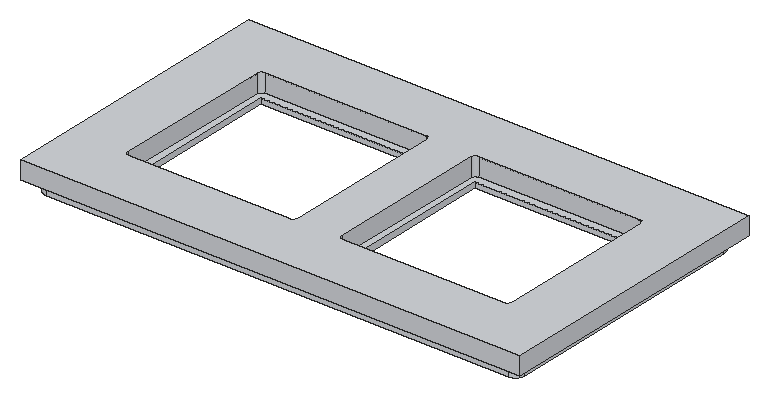
Revit family "Gira_0212226", category Electrical Fixtures, host Face, Revit 2017
Family settings
  Host = Face
  Maintain Annotation Orientation = No
  Round Connector Dimension = Use Diameter
  Part Type = Normal
  Cut with Voids When Loaded = No
  Shared = No
  Room Calculation Point = No
Parameters (values of type "Abdeckrahmen 2f Gira Esprit Lin.Mpx.Anthrazit")
  Werkstoffgüte = "sonstige"
  Werkstoff = "sonstige"
  URL = "http://katalog.gira.de/de_DE/datenblatt.html?artikelnr=0212226"
  Transparent = "No"
  Textfeld/Beschriftungsfläche = "No"
  Schutzart (IP) = "IP20"
  Region = "DE"
  Oberfläche = "sonstige"
  Name = "Abdeckrahmen 2f Gira Esprit Lin.Mpx.Anthrazit"
  Montagerichtung = "horizontal und vertikal"
  Mit Montagerahmen = "No"
  Mit Klappdeckel = "No"
  Manufacturer URL = "https://www.gira.de/"
  Keynote = "Espr._Rahmen_2fach"
  HeinzeBIM = "https://bimportal.heinze.de/bim/abdeckrahmen-2f-gira-esprit-lin-mpx-anthrazit/ff09d0026e90717c0899a51a28bb5e9ab94aba2d"
  Halogenfrei = "No"
  HAN = "0212226"
  Geeignet für Unterputz-Installation = "Yes"
  Geeignet für Unterflurkanaldose = "No"
  Geeignet für Geräteeinbaukanal = "No"
  Geeignet für Einbauinstallation = "No"
  GTIN = "4010337015888"
  Farbe = "sonstige"
  Default Elevation = 1219.2 mm
  Data sheet (1) = "https://katalog.gira.de/de_DE/download.html?artikelnr=0212226"
  Category = "Abdeckrahmen"
  Befestigungsart = "Klemmbefestigung"
  Available = "Yes"
  Anzahl der Einheiten vertikal = "2 "
  Anzahl der Einheiten horizontal = "2 "
  Anzahl der Einheiten = "2 "
Reference planes
  plane 1 "Center (Front/Back)": y = 0
  plane 2: z = 0
  plane 3 "Center (Left/Right)": x = 0
Forms (mm)
  Extrusion 1, solid, detail levels fine
    sketch origin (0, 0, 0) x (1, 0, 0) y (0, 1, 0)
      loop
        line (-83, 47.5) -> (-83, -47.5) -> (83, -47.5) -> (83, 47.5) -> (-83, 47.5)
      loop
        arc (-63.75, -26.7) -> (-63.311, -27.761) -> (-62.25, -28.2) r 1.5
        line (-62.25, -28.2) -> (-8.85, -28.2)
        arc (-8.85, -28.2) -> (-7.789, -27.761) -> (-7.35, -26.7) r 1.5
        line (-7.35, -26.7) -> (-7.35, 26.7)
        arc (-7.35, 26.7) -> (-7.789, 27.761) -> (-8.85, 28.2) r 1.5
        line (-8.85, 28.2) -> (-62.25, 28.2)
        arc (-62.25, 28.2) -> (-63.311, 27.761) -> (-63.75, 26.7) r 1.5
        line (-63.75, 26.7) -> (-63.75, -26.7)
      loop
        line (63.75, -26.7) -> (63.75, 26.7)
        arc (63.75, 26.7) -> (63.311, 27.761) -> (62.25, 28.2) r 1.5
        line (62.25, 28.2) -> (8.85, 28.2)
        arc (8.85, 28.2) -> (7.789, 27.761) -> (7.35, 26.7) r 1.5
        line (7.35, 26.7) -> (7.35, -26.7)
        arc (7.35, -26.7) -> (7.789, -27.761) -> (8.85, -28.2) r 1.5
        line (8.85, -28.2) -> (62.25, -28.2)
        arc (62.25, -28.2) -> (63.311, -27.761) -> (63.75, -26.7) r 1.5
    from 0 to 6
  Extrusion 2, solid, detail levels fine
    sketch origin (0, 0, 0) x (1, 0, 0) y (0, 1, 0)
      loop
        line (-61.45, -25.7) -> (-9.65, -25.7) -> (-9.65, 25.7) -> (-61.45, 25.7) -> (-61.45, -25.7)
      loop
        line (61.45, 25.7) -> (9.65, 25.7) -> (9.65, -25.7) -> (61.45, -25.7) -> (61.45, 25.7)
      loop
        arc (-78.454, -41.3) -> (-77.927, -42.573) -> (-76.654, -43.1) r 1.8
        line (-76.654, -43.1) -> (76.654, -43.1)
        arc (76.654, -43.1) -> (77.927, -42.573) -> (78.454, -41.3) r 1.8
        line (78.454, -41.3) -> (78.454, 41.3)
        arc (78.454, 41.3) -> (77.927, 42.573) -> (76.654, 43.1) r 1.8
        line (76.654, 43.1) -> (-76.654, 43.1)
        arc (-76.654, 43.1) -> (-77.927, 42.573) -> (-78.454, 41.3) r 1.8
        line (-78.454, 41.3) -> (-78.454, -41.3)
    from -1.9 to 0
  Extrusion 3, solid, detail levels fine
    sketch origin (0, 0, 0) x (1, 0, 0) y (0, 1, 0)
      loop
        arc (-76.75, 44.4) -> (-78.871, 43.521) -> (-79.75, 41.4) r 3
        line (-79.75, 41.4) -> (-79.75, -41.4)
        arc (-79.75, -41.4) -> (-78.871, -43.521) -> (-76.75, -44.4) r 3
        line (-76.75, -44.4) -> (76.75, -44.4)
        arc (76.75, -44.4) -> (78.871, -43.521) -> (79.75, -41.4) r 3
        line (79.75, -41.4) -> (79.75, 41.4)
        arc (79.75, 41.4) -> (78.871, 43.521) -> (76.75, 44.4) r 3
        line (76.75, 44.4) -> (-76.75, 44.4)
      loop
        arc (-78.55, -41.4) -> (-78.023, -42.673) -> (-76.75, -43.2) r 1.8
        line (-76.75, -43.2) -> (76.75, -43.2)
        arc (76.75, -43.2) -> (78.023, -42.673) -> (78.55, -41.4) r 1.8
        line (78.55, -41.4) -> (78.55, 41.4)
        arc (78.55, 41.4) -> (78.023, 42.673) -> (76.75, 43.2) r 1.8
        line (76.75, 43.2) -> (-76.75, 43.2)
        arc (-76.75, 43.2) -> (-78.023, 42.673) -> (-78.55, 41.4) r 1.8
        line (-78.55, 41.4) -> (-78.55, -41.4)
    from -3.7 to 0
  Extrusion 4, solid, detail levels medium
    sketch origin (0, 0, 0) x (1, 0, 0) y (0, 1, 0)
      loop
        line (-83, 47.5) -> (-83, -47.5) -> (83, -47.5) -> (83, 47.5) -> (-83, 47.5)
    from 0 to 6
  Extrusion 5, solid, detail levels medium
    sketch origin (0, 0, 0) x (1, 0, 0) y (0, 1, 0)
      loop
        line (-79.75, 44.4) -> (-79.75, -44.4) -> (79.75, -44.4) -> (79.75, 44.4) -> (-79.75, 44.4)
    from -3.7 to 0
  Extrusion 6, solid, detail levels coarse
    sketch origin (0, 0, 0) x (1, 0, 0) y (0, 1, 0)
      loop
        line (-83, 47.5) -> (-83, -47.5) -> (83, -47.5) -> (83, 47.5) -> (-83, 47.5)
    from -3.7 to 6
Dimensions and locks
  aligned and locked: plane 2 to host face
  aligned and locked: level to host face
